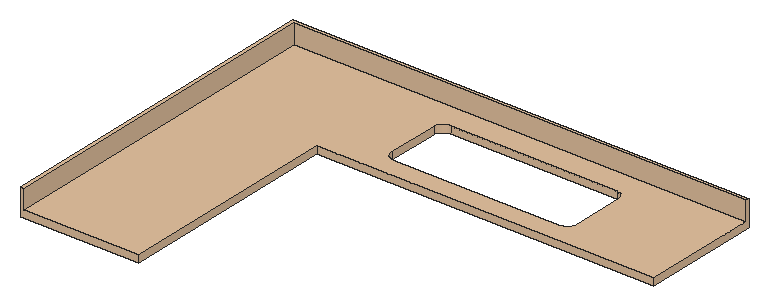
Revit family "Counter Top-L Shaped w Sink", category Casework, Revit 2023
Family settings
  OmniClass Number = 23.40.35.17.47.11
  OmniClass Title = Kitchen Casework
  Work Plane-Based = No
  Always vertical = Yes
  Cut with Voids When Loaded = No
  Shared = Yes
  Room Calculation Point = No
Parameters (values of type "24" Depth")
  Default Elevation = 0' - 0"
  Assembly Code = "C1030400"
  Counter Thickness = 0' - 1 1/2"
  Counter Top Material = none
  Depth = 2' - 1"
  Height = 3' - 0"
  Length - Leg 1 [instance] = 8' - 0"
  Length - Leg 2 [instance] = 6' - 0"
  Sink Location [instance] = 3' - 0"
  Sink Location To Wall [instance] = 0' - 6"
  Sink Opening Depth [instance] = 1' - 3"
  Sink Opening Width [instance] = 3' - 3"
Reference planes (in)
  plane 1 "Back": y = 0
  plane 2: z = 0
  plane 3 "Left": x = -47.2623
  plane 4 "Right": x = 48.7377
  plane 5 "Front": y = -25
  plane 6 "Top": z = 36
  plane 7 "Top Of Cabinet": z = 34.5
  plane 8: y = -0.75
  plane 9: z = 40
  plane 10: x = -22.2623
  plane 11: y = -72
  plane 12: x = -46.5123
  plane 13: x = -11.2623
  plane 14: x = 27.7377
  plane 15: y = -6
  plane 16: y = -21
Forms (in)
  Extrusion 1, solid, material <- "Counter Top Material"
    sketch origin (0, 0, 0) x (1, 0, 0) y (0, 1, 0)
      loop
        line (-47.2623, 0) -> (-47.2623, -72) -> (-22.2623, -72) -> (-22.2623, -25) -> (48.7377, -25) -> (48.7377, 0) -> (-47.2623, 0)
      loop
        arc (-9.2623, -6) -> (-10.67651, -6.58579) -> (-11.2623, -8) r 2
        line (-11.2623, -8) -> (-11.2623, -19)
        arc (-11.2623, -19) -> (-10.67651, -20.41421) -> (-9.2623, -21) r 2
        line (-9.2623, -21) -> (25.7377, -21)
        arc (25.7377, -21) -> (27.15192, -20.41421) -> (27.7377, -19) r 2
        line (27.7377, -19) -> (27.7377, -8)
        arc (27.7377, -8) -> (27.15192, -6.58579) -> (25.7377, -6) r 2
        line (25.7377, -6) -> (-9.2623, -6)
    from 34.5 to 36
  Extrusion 2, solid, material <- "Counter Top Material"
    sketch origin (0, 0, 0) x (1, 0, 0) y (0, 1, 0)
      loop
        line (48.7377, 0) -> (-47.2623, 0) -> (-47.2623, -0.75) -> (48.7377, -0.75) -> (48.7377, 0)
    from 36 to 40
  Extrusion 3, solid, material <- "Counter Top Material"
    sketch origin (0, 0, 0) x (1, 0, 0) y (0, 1, 0)
      loop
        line (-47.2623, -0.75) -> (-47.2623, -72) -> (-46.5123, -72) -> (-46.5123, -0.75) -> (-47.2623, -0.75)
    from 36 to 40
Cuts and joins
  joined: Extrusion 1, Extrusion 2, Extrusion 3
Lines and regions (in)
  Masking region 1
    outline origin (0, 0, 34.5) x (0, -1, 0) y (1, 0, 0)
      loop
        line (0, -47.2623) -> (72, -47.2623) -> (72, -22.2623) -> (25, -22.2623) -> (25, 48.7377) -> (0, 48.7377) -> (0, -47.2623)
  symbolic lines, style "Counter Top"
    curve 1: line (-46.5123, -0.75, 34.5) -> (48.7377, -0.75, 34.5)
    curve 2: line (-46.5123, -72, 34.5) -> (-46.5123, -0.75, 34.5)
  symbolic lines, style "Sink Opening"
    curve 3: line (25.7377, -6, 34.5) -> (-9.2623, -6, 34.5)
    curve 4: line (-9.2623, -21, 34.5) -> (25.7377, -21, 34.5)
    curve 5: line (-11.2623, -8, 34.5) -> (-11.2623, -19, 34.5)
    curve 6: line (27.7377, -19, 34.5) -> (27.7377, -8, 34.5)
    curve 7: arc (-11.2623, -8, 34.5) -> (-10.67651, -6.58579, 34.5) -> (-9.2623, -6, 34.5) r 2
    curve 8: arc (25.7377, -6, 34.5) -> (27.15192, -6.58579, 34.5) -> (27.7377, -8, 34.5) r 2
    curve 9: arc (-9.2623, -21, 34.5) -> (-10.67651, -20.41421, 34.5) -> (-11.2623, -19, 34.5) r 2
    curve 10: arc (27.7377, -19, 34.5) -> (27.15192, -20.41421, 34.5) -> (25.7377, -21, 34.5) r 2
Dimensions and locks (in)
  "Depth": plane 5 "Front" to plane 1 "Back"
  "Length - Leg 1": plane 3 "Left" to plane 4 "Right"
  "Height": level to plane 6 "Top"
  "Counter Thickness": plane 7 "Top Of Cabinet" to plane 6 "Top"
  locked: plane 8 to plane 1 "Back" at 0.75
  plane 6 "Top" to plane 9 = 0' - 4"
  "Depth": plane 3 "Left" to plane 10
  "Length - Leg 2": plane 11 to plane 1 "Back"
  locked: plane 3 "Left" to plane 12 at 0.75
  "Sink Location": plane 3 "Left" to plane 13
  "Sink Opening Width": plane 13 to plane 14
  "Sink Location To Wall": plane 15 to plane 1 "Back"
  "Sink Opening Depth": plane 15 to plane 16
  aligned and locked: plane 1 "Back" to Extrusion 1 sketch curve
  aligned and locked: Extrusion 1 sketch curve to plane 5 "Front"
  aligned and locked: Extrusion 1 sketch curve to plane 3 "Left"
  aligned and locked: plane 6 "Top" to Extrusion 1
  aligned and locked: Extrusion 1 to plane 7 "Top Of Cabinet"
  aligned and locked: Extrusion 2 sketch curve to plane 1 "Back"
  aligned and locked: plane 8 to Extrusion 2 sketch curve
  aligned and locked: Extrusion 2 sketch curve to plane 4 "Right"
  aligned and locked: plane 3 "Left" to Extrusion 2 sketch curve
  aligned and locked: Extrusion 2 to plane 9
  aligned and locked: Extrusion 2 to plane 6 "Top"
  aligned and locked: plane 10 to Extrusion 1 sketch curve
  aligned and locked: plane 11 to Extrusion 1 sketch curve
  aligned and locked: plane 12 to Extrusion 3 sketch curve
  aligned and locked: Extrusion 3 to plane 8
  aligned and locked: plane 3 "Left" to Extrusion 3
  aligned and locked: Extrusion 3 to plane 9
  aligned and locked: Extrusion 3 to plane 6 "Top"
  aligned and locked: Extrusion 1 sketch curve to plane 15
  aligned and locked: Extrusion 1 sketch curve to plane 14
  aligned and locked: Extrusion 1 sketch curve to plane 16
  aligned and locked: plane 13 to Extrusion 1 sketch curve
  aligned and locked: plane 4 "Right" to Masking region 1 sketch curve
  aligned and locked: plane 1 "Back" to Masking region 1 sketch curve
  aligned and locked: Masking region 1 sketch curve to plane 3 "Left"
  aligned and locked: plane 11 to Masking region 1 sketch curve
  aligned and locked: Masking region 1 sketch curve to plane 10
  aligned and locked: plane 5 "Front" to Masking region 1 sketch curve
  aligned and locked: curve 3 to cut or joined group of Extrusion 1, Extrusion 2, Extrusion 3
  aligned and locked: curve 4 to cut or joined group of Extrusion 1, Extrusion 2, Extrusion 3
  aligned and locked: curve 7 to cut or joined group of Extrusion 1, Extrusion 2, Extrusion 3
  aligned and locked: curve 10 to cut or joined group of Extrusion 1, Extrusion 2, Extrusion 3
Automatic sketch dimensions
  plane 3 "Left" to Extrusion 3 sketch curve = 0' - 0"
  plane 11 to Extrusion 3 sketch curve = 0' - 0"
  plane 1 "Back" to Extrusion 3 sketch curve = 0' - 0 3/4"
  curve 1 to plane 4 "Right" = 0' - 0"
  curve 2 to plane 8 = 0' - 0"
  curve 2 to plane 11 = 0' - 0"
  curve 1 to plane 3 "Left" = 0' - 0 3/4"
  curve 4 to curve 3 = 0' - 0"
  curve 5 to curve 4 = 0' - 2"
  Extrusion 1 sketch curve to plane 4 "Right" = 0' - 0"
  plane 13 to Extrusion 1 sketch curve = 0' - 2"
  Extrusion 1 sketch curve to Extrusion 1 sketch curve = 0' - 2"
  Extrusion 1 sketch curve to plane 14 = 0' - 2"  (x2)
